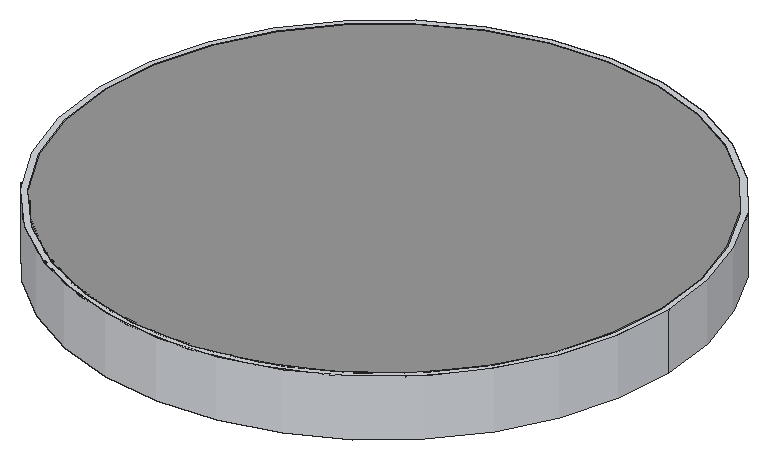
Revit family "2071173", category Lighting Fixtures, host Face, Revit 2018
Family settings
  Host = Face
  Round Connector Dimension = Use Diameter
  Part Type = Normal
  OmniClass Number = 23.80.70.00
  OmniClass Title = Lighting
  Cut with Voids When Loaded = No
  Light Source = Yes
  Shared = No
  Room Calculation Point = No
Parameters (values of type "2071173 COLOSSAL 600 840 OP DIR WHT")
  iner diameter = 588 mm
  Weight = "n/a"
  Wattage Comments = ""
  Wattage = 30 W
  WarrantyStartDate [instance] = "n/a"
  WarrantyGuarantorParts = "n/a"
  WarrantyDurationUnit = "n/a"
  WarrantyDurationParts = ""
  WarrantyDescription = "http://www.sylvania-lighting.com"
  built-in parameter 1150110 = 1 (stored number, unit not read)
  Voltage = 230 V
  URL = "0.95"
  TypeName = "COLOSSAL 600mm 840 OPAL DIR WHITE"
  Type Image = <None>
  Type Comments = "n/a"
  built-in parameter 1114217 = 1 (stored number, unit not read)
  Tilt Angle = -90.00°
  built-in parameter 1150109 = 1 (stored number, unit not read)
  built-in parameter 1150134 = (empty or 0)
  built-in parameter 1150113 = 1 (stored number, unit not read)
  SerialNumber [instance] = "n/a"
  Photometric Web File = "2071173.ies"
  Material_3_SYL = LED-Sylvania
  PowerFactor = 0
  PowerConsumption = "Lighting"
  NominalLength = 600 mm
  NominalHeight = 93 mm
  NominalDepth = 600 mm
  Name = "COLOSSAL 600mm 840 OPAL DIR WHITE"
  ModelReference = Name  # "COLOSSAL 600mm 840 OPAL DIR WHITE"
  ModelNumber = "2071173"
  Model = Name  # "COLOSSAL 600mm 840 OPAL DIR WHITE"
  Material = "Feilo Sylvania"
  ManufacturerName = "131 lm/W"
  Manufacturer = ""
  LuminousEfficacy = ""
  built-in parameter 1150105 = 270.44 (stored number, unit not read)
  Lumens = 3398.4 lm
  LuminaireType = "0"
  built-in parameter 1150115 = 1 (stored number, unit not read)
  LightOutputRatio = "LED"
  built-in parameter 1150137 = (empty or 0)
  built-in parameter 1150139 = (empty or 0)
  LampsType = Lamp  # "n/a"
  LampNominalLuminous = "4000 K"
  LampMacAdamStep = "80"
  LampColourTemperature = "LED"
  LampColourRenderingIndex = "16500"
  built-in parameter 1150112 = 1 (stored number, unit not read)
  built-in parameter 1150114 = 1 (stored number, unit not read)
  Lamp = "n/a"
  Keynote = "n/a"
  InstallationDate [instance] = "n/a"
  InputVoltage = "0"
  InputNominalFrequency = "4000"
  built-in parameter 1150132 = (empty or 0)
  built-in parameter 1150102 = (empty or 0)
  built-in parameter 1150107 = 3000 (stored number, unit not read)
  built-in parameter 1150138 = (empty or 0)
  IngressProtection = "IfcLightFixtureType"
  ImpactProtectionIndex = "IfcLightFixtureType"
  built-in parameter 1150106 = 2.7044 (stored number, unit not read)
  IfcExportType = "IfcLightFixtureType"
  IfcExportAs = "Class I"
  Emit from Circle Diameter = 385 mm
  Emit Shape Visible in Rendering = no
  ElectricShockClassification = "131"
  built-in parameter 1150104 = 10.524 (stored number, unit not read)
  DocumentationLiterature = "http://www.sylvania-lighting.com/product/en-int/products/2071173"
  DimmingControlOptions = "n/a"
  Material_2_SYL = Polycarbonate_Sylvania_White
  Dimming Lamp Color Temperature Shift = <None>
  Description = "600mm diameter circular architectural luminaire, can be surface mounted or suspended. Powder coated aluminium housing (RAL9016) with polycarbonate opal diffuser. Direct light distribution, 5330lm luminuous flux, 40.6W system power, 131lm/W luminiaire efficacy. Constant current driver. Colour rendering index Ra >80, 4000K Neutral White LED, chromaticity tolerance of 3-step MacAdam ellipse. IP40, IK03. 450mA drive current. Electrical protection Class1, 220-240V. Reported lifetime 66k hours L90B10."
  Default Elevation = 1219.2 mm
  CreatedOn = "23/03/2022"
  CreatedBy = "@sylvania-lighting.com"
  Cost = 0
  Color Filter = 16777215
  built-in parameter 1114216 [instance] = (empty or 0)
  ClassificationValue = "EF_70_80"
  ClassificationName = "Uniclass2015"
  Material_1_SYL = Polycarbonate_Sylvania_Opal
  BarCode [instance] = "n/a"
  built-in parameter 1114218 = 1 (stored number, unit not read)
  built-in parameter 1150133 = 10 (stored number, unit not read)
  AssetType = "Fixed"
  AssetIdentifier [instance] = "n/a"
  Assembly Code = "D5020200"
  Apparent Load = 40.6 VA
  Material_4_SYL = none
Reference planes
  plane 1 "Center (Front/Back)": y = 0
  plane 2: z = 0
  plane 3 "Center (Left/Right)": x = 0
  plane 4: x = -300
  plane 5: x = 300
  plane 6: y = 300
  plane 7: y = -300
  plane 8: y = 212
  plane 9: y = -212
  plane 10: z = 93
  plane 11: y = 294
  plane 12: y = -294
  plane 13: through (0, 0, 1219.2) normal (0.5, -0.866, 0)
  plane 14: through (-134.29, 20.617, 1219.2) normal (0.5, -0.866, 0)
  plane 15: through (-144.685, -181.683, 1219.2) normal (-0.5, 0.866, 0)
  plane 16: through (0, 0, 1219.2) normal (0.5, 0.866, 0)
  plane 17: through (178.555, -4.939, 1219.2) normal (0.5, 0.866, 0)
  plane 18: through (87.581, -148.715, 1219.2) normal (0.5, 0.866, 0)
  plane 19: y = 272
  plane 20: through (105.168, 227.067, 1219.2) normal (0.866, 0.5, 0)
  plane 21: through (-104.171, 225.672, 1219.2) normal (0.8572, -0.515, 0)
  plane 22: y = -204.612
  plane 23: through (-296.643, -30.2, 1219.2) normal (0.866, 0.5, 0)
  plane 24: through (153.092, -278.837, 1219.2) normal (-0.866, 0.5, 0)
Forms (mm)
  Extrusion 1, solid, detail levels medium+fine
    sketch origin (0, 0, 0) x (1, 0, 0) y (0, 1, 0)
      loop
        circle (0, 0) r 300
    from 33.023 to 93
  Extrusion 2, void
    sketch origin (0, 0, 0) x (1, 0, 0) y (0, 1, 0)
      loop
        circle (0, 0) r 294
    from 93 to 37.292
  Extrusion 3, solid, material "Glass, White, High Luminance", detail levels fine
    sketch origin (0, 0, 0) x (1, 0, 0) y (0, 1, 0)
      loop
        circle (0, 0) r 294
    from 88.026 to 93
  Extrusion 4, solid, detail levels coarse
    sketch origin (0, 0, 0) x (1, 0, 0) y (0, 1, 0)
      loop
        line (-300, 300) -> (-300, -300) -> (300, -300) -> (300, 300) -> (-300, 300)
    from 0 to 93
  Blend 5, solid, detail levels medium+fine
    base sketch origin (0, 0, 0) x (1, 0, 0) y (0, 1, 0)
      loop
        line (-76.334, 272) -> (-277.665, -63.07) -> (-195.946, -204.612) -> (195.946, -204.612) -> (275.172, -67.388) -> (79.226, 272) -> (-76.334, 272)
    top sketch origin (0, 0, 0) x (1, 0, 0) y (0, 1, 0)
      loop
        line (-226.097, -32.388) -> (-141.097, -179.612) -> (141.097, -179.612) -> (226.097, -32.388) -> (85, 212) -> (-85, 212) -> (-226.097, -32.388)
    from 33.023 to 0
Cuts and joins
  Extrusion 2 cuts Extrusion 1
Lines and regions (mm)
  model lines
    curve 1: line (-85, 212, 0) -> (0, 212, 0)
    curve 2: line (0, 212, 0) -> (85, 212, 0)
Dimensions and locks
  "NominalDepth": plane 6 to plane 7
  "NominalLength": plane 4 to plane 5
  equal spacing: plane 4, plane 3 "Center (Left/Right)", plane 5
  "iner diameter": plane 11 to plane 12
  equal spacing: plane 11, plane 1 "Center (Front/Back)", plane 12
  equal spacing: plane 6, plane 1 "Center (Front/Back)", plane 7
  "NominalHeight": plane 10 to level
  radius of Extrusion 2 sketch curve = 294 mm
  aligned and locked: plane 2 to host face
  aligned and locked: level to host face
Automatic sketch dimensions
  host sketch curve to host sketch curve = 2438.4 mm  (x2)
  plane 1 "Center (Front/Back)" to Extrusion 1 sketch curve = 0 mm
  Extrusion 1 sketch curve to plane 3 "Center (Left/Right)" = 0 mm
  plane 1 "Center (Front/Back)" to Extrusion 2 sketch curve = 0 mm
  Extrusion 2 sketch curve to plane 3 "Center (Left/Right)" = 0 mm
  plane 1 "Center (Front/Back)" to Extrusion 3 sketch curve = 0 mm
  Extrusion 3 sketch curve to plane 3 "Center (Left/Right)" = 0 mm
  Extrusion 4 sketch curve to plane 4 = 0 mm
  Extrusion 4 sketch curve to plane 5 = 0 mm
  Extrusion 4 sketch curve to plane 7 = 0 mm
  Extrusion 4 sketch curve to plane 6 = 0 mm
  Blend 5 sketch curve to plane 8 = 0 mm
  Blend 5 sketch curve to plane 3 "Center (Left/Right)" = 85 mm
  plane 3 "Center (Left/Right)" to Blend 5 sketch curve = 85 mm
  plane 9 to Blend 5 sketch curve = 32.388 mm
  plane 3 "Center (Left/Right)" to Blend 5 sketch curve = 141.097 mm
  plane 1 "Center (Front/Back)" to Blend 5 sketch curve = 32.388 mm  (x2)
  Blend 5 sketch curve to plane 5 = 73.903 mm
  Blend 5 sketch curve to plane 3 "Center (Left/Right)" = 141.097 mm
  plane 4 to Blend 5 sketch curve = 73.903 mm
  curve 1 to plane 8 = 0 mm
  curve 2 to plane 3 "Center (Left/Right)" = 0 mm
  curve 1 to plane 3 "Center (Left/Right)" = 85 mm
  curve 1 to curve 2 = 85 mm
  Blend 5 sketch curve to plane 21 = 0 mm
  Blend 5 sketch curve to plane 23 = 0 mm  (x2)
  Blend 5 sketch curve to plane 22 = 0 mm
  Blend 5 sketch curve to plane 19 = 0 mm
  plane 21 to Blend 5 sketch curve = 0 mm
  Blend 5 sketch curve to plane 20 = 0 mm  (x2)
  Blend 5 sketch curve to plane 24 = 0 mm  (x2)
  radius of Extrusion 1 sketch curve = 300 mm
  radius of Extrusion 3 sketch curve = 294 mm
Connectors
  electrical at (0, 0, 0), driven by "Apparent Load", driven by "PowerFactor", driven by "Voltage"
    settings: index 1, voltage 230 V, apparent load 40.6 VA, apparent load phase1 0 VA, apparent load phase2 0 VA, apparent load phase3 0 VA, power factor 0, load classification "Lighting", number of poles 1, system type 30, power factor state 1, is connector primary yes, connector utility no, sub classification motor no, connector description ""
